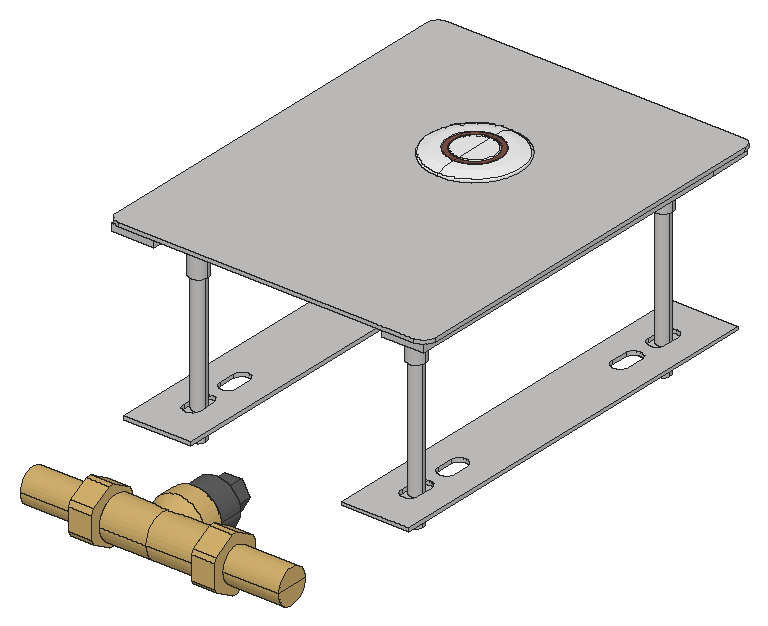
Revit family "PRD_AR_ShwrFttngsPckg_F5EElectronicShowerFitting_F5EV2006", category Plumbing Fixtures, host Face, Revit 2023
Family settings
  Host = Face
  Round Connector Dimension = Use Diameter
  Part Type = Normal
  OmniClass Number = 23.45.05.14.99
  OmniClass Title = Other Sanitary Washing Plumbing Fixtures
  Enable Cutting in Views = Yes
  Cut with Voids When Loaded = Yes
  Maintain Annotation Orientation = No
  Shared = No
  Room Calculation Point = No
Parameters (values of type "F5EV2006")
  WithTransformerPowerSupply = "No"
  WithSoapDish = "No"
  WithRosettesCoverPlate = "Yes"
  WithFilter = "Yes"
  WithBackflowPreventer = "No"
  WaterConnection = "pipe"
  Waste Connection = yes
  WarrantyStartDate [instance] = "1900-12-31T23:59:59"
  WarrantyGuarantorParts = "n/a"
  WarrantyGuarantorLabor = "n/a"
  WarrantyDurationUnit = "n/a"
  WarrantyDurationParts = "n/a"
  WarrantyDurationLabor = "n/a"
  WarrantyDescription = "n/a"
  WallThicknessControl [instance] = if(WallThickness < 50 mm, 50 mm, if(WallThickness > 500 mm, 500 mm, WallThickness))  # 100 mm
  WallThickness [instance] = 100 mm
  WFU = 0
  VolumeFlowRateBypassPWH = "n/a"
  VolumeFlowRateAt3Bar = "0.47 l/s"
  Voltage [instance] = 24 V
  Version = "1"
  Vent Connection = yes
  ValveVerticalOffset [instance] = 200 mm
  ValveTurnOn [instance] = yes
  ValveOffsetFromWall [instance] = 100 mm
  Uniclass2015Version = "Products v1.36"
  Uniclass2015Title = "Shower fittings package"
  Uniclass2015Code = "Pr_40_20_87_75"
  URL = "www.kwc-professional.com"
  TypeOfShower = "in-wall fitting"
  TypeOfSensor = "piezo-electronic sensor"
  TypeOfPowerSupply = "Transformer"
  TypeOfOperation = "sensor operation"
  TypeOfMounting = "bolt mounting"
  TypeOfMixing = "No"
  Type IFC Predefined Type = "USERDEFINED"
  ThermalDisinfection = "n/a"
  TemperatureLimit = "No"
  TagNumber [instance] = "n/a"
  SustainabilityPerformance = "n/a"
  SurfaceTreatmentFitting = "n/a"
  SurfaceFinishFitting = "n/a"
  SurfaceFinishCasing = "satin finished"
  Status = "NEW"
  SoundInsulation = "No"
  Size = "15"
  ShowerType = "Individual"
  ShowerPipeDraining = "No"
  ShowerHeadDescription = "n/a"
  ShowerHead = "without shower head"
  Shape = "n/a"
  SerialNumber [instance] = "n/a"
  Revision = "n/a"
  ReplacementCost = "n/a"
  Reference = "n/a"
  ProtectiveSystemIP = "IP59K"
  ProtectiveShutdown = "Yes"
  ProductInformation = "http://pim.kwc.com/product/2030068173/attachment/datasheet?locale=en"
  PowerSupplyConnection = "A3000 open 24 V DC"
  PowerFactor [instance] = 1
  PowerConsumption = "n/a"
  PositionOfWaterConnection = "n/a"
  PositionOfPowerConnection = "n/a"
  Poles [instance] = 1
  Parameterization = "network"
  NumberOfPoles [instance] = Poles  # 1
  NominalWidth = 190 mm
  NominalLength = 245 mm
  NominalHeight = 245 mm
  NominalDepth = 2 mm
  Name = "F5E Electronic shower fitting F5EV2006"
  NBSTypeID = "n/a"
  NBSReference = "45-35-70/330"
  NBSOfficeMasterTag = "n/a"
  NBSNote = "n/a"
  NBSDescription = "Shower fittings package"
  NBSCertification = "n/a"
  ModelReference = "F5EV2006"
  ModelNumber = "2030068173"
  Model = ModelReference  # "F5EV2006"
  MinimumFlowTime = "1 Seconds"
  MinimumFlowPressure = "1 bar"
  MaximumFlowTime = "255 Seconds"
  MaterialFitting = "n/a"
  MaterialCodeCasing = "1.4301 Chrome Nickel steel V2A"
  MaterialCasing = "stainless steel"
  Material = "stainless steel"
  ManufacturerURL = "www.kwc-professional.com"
  ManufacturerName = "KWC Group Management AG"
  Manufacturer = ManufacturerName  # "KWC Group Management AG"
  LockingMechanism = "Top section, non-ceramic"
  InstallationDate [instance] = "1900-12-31T23:59:59"
  InletSize = "G 3/4 B"
  IfcExportType = "SHOWER"
  IfcExportAs = "IfcSanitaryTerminalType"
  HygieneFlushing = "Yes"
  HasTray = "No"
  HWFU = 0
  HW Connection = yes
  Grade = "n/a"
  FunctionalPrinciple = "electronic self-closing"
  ForHandShower = "n/a"
  Finish = "Satin finished"
  Features = "Electronically controlled, for connection to pre-mixed hotwater or cold water. 190 x 245x 2 mm stainless steel cover plate for invisible mounting viathreaded rods, up to a wall thickness of 50 to 500 mm."
  Export Type to IFC As = "IfcSanitaryTerminalType"
  ExpectedLife = "n/a"
  DurationUnit = "n/a"
  DrainSize = 15 mm
  DiameterNominal = "DN 15"
  Description = "F5E - A3000 open straight-way valve DN 15 for shower facilities, for concealed mounting. Especially suitable for facilities at risk of vandalism. Electronically controlled, for connection to pre-mixed hot water or cold water. With waterproof electronic module and electric T-junction for connection to system cable, solenoid valve, 190 x 245 x 2 mm stainless steel cover plate for invisible mounting via threaded rods, up to a wall thickness of 50 to 500 mm, including piezo push-button with start/stop function and 2 m extension cable. Connection and maintenance via service room. Activated hygiene flushing 24 hours after the last activity. With facility for parameterization, cleaning deactivation and communication via ECC2 function controller, 24 V DC."
  DefaultFlowTime = "30 Seconds"
  DefaultAutomaticHygieneFlush = "24h after the last activity"
  Default Elevation = 1219.2 mm
  CreateOn = "05/2025"  # constant formula
  CoverPlateWidth = "190 mm"
  CoverPlateHeight = "245 mm"
  Constituents = "n/a"
  ConnectionWithPayWaterDispenser = "single / multiple pay water dispenser"
  CompatibleA3000Open = "Yes"
  Color = "stainless steel-look"
  CodePerformance = "n/a"
  Circulation = "No"
  Category = "Pr_40_20_87_75, Shower fittings package"
  CalculationFlowRateHotWater = "n/a"
  CalculationFlowRateColdWater = "n/a"
  CWFU = 0
  CW Connection = yes
  ButtonMaterial = PRD_AR_ChromatedBrass_HighPolished
  BuiltInFittingModel = "Built-in section"
  BodyMaterial = PRD_AR_StainlessSteel_Brushed
  BasicColour = "stainless steel-look"
  BarCode [instance] = "n/a"
  BIMObjectName = "PRD_AR_ ShowerFittingsPackage_F5EElectronicShowerFitting_F5EV2006"
  Author = "Archispace"
  AssetType = "Fixed"
  AssetIdentifier [instance] = "n/a"
  ApparentLoad [instance] = 0 VA
  AdjustableFlowTime = "Yes"
  AdditionalConnections = "No"
  AccessibilityPerformance = "n/a"
  AccentColour = "n/a"
Reference planes
  plane 1 "Center (Front/Back)": y = 0
  plane 2: z = 0
  plane 3 "Center (Left/Right)": x = 0
  plane 4: z = -100
  plane 5: y = -200
  plane 6: z = -100
  plane 7: z = -117
  plane 8: z = -83
  plane 9: y = -137
  plane 10: y = -358.5
  plane 11: x = 77
  plane 12: x = -77
  plane 13: y = -146.038
  plane 14: y = -225
Forms (mm)
  Extrusion 1, void
    sketch origin (0, 0, 0) x (1, 0, 0) y (0, 1, 0)
      loop
        circle (0, 4.921) r 11.456
    from -25 to 17.126
  Extrusion 2, void
    sketch origin (0, 0, 0) x (1, 0, 0) y (0, 1, 0)
      loop
        line (-73.04, 101.038) -> (-73.04, 0) -> (-73.04, -101.038) -> (0, -101.038) -> (73.04, -101.038) -> (73.04, 0) -> (73.04, 101.038) -> (0, 101.038) -> (-73.04, 101.038)
    from 0 to -100
  Extrusion 3, void
    sketch origin (0, 0, 0) x (1, 0, 0) y (0, 1, 0)
      loop
        line (77, -225) -> (77, -146.038) -> (-77, -146.038) -> (-77, -225) -> (77, -225)
    from -117 to -83
Dimensions and locks
  "WallThicknessControl": level to plane 4
  "ValveVerticalOffset": plane 5 to plane 1 "Center (Front/Back)"
  "ValveOffsetFromWall": level to plane 6
  plane 9 to plane 5 to plane 10 = 63 mm locked, 158.5 mm locked
  plane 13 to plane 5 to plane 14 = 53.962 mm locked, 25 mm locked
  plane 12 to plane 3 "Center (Left/Right)" to plane 11 = 77 mm locked, 77 mm locked
  plane 8 to plane 6 to plane 7 = 17 mm locked, 17 mm locked
  aligned and locked: plane 2 to host face
  aligned and locked: level to host face
  aligned and locked: Extrusion 2 to plane 4
  aligned and locked: plane 5 to nested 2
  aligned and locked: plane 14 to Extrusion 3 sketch curve
  aligned and locked: Extrusion 3 sketch curve to plane 11
  aligned and locked: Extrusion 3 sketch curve to plane 13
  aligned and locked: Extrusion 3 sketch curve to plane 12
  aligned and locked: plane 7 to Extrusion 3
  aligned and locked: plane 8 to Extrusion 3
  aligned and locked: plane 6 to nested 2
Automatic sketch dimensions
  host sketch curve to host sketch curve = 2438.4 mm  (x2)
  Extrusion 1 sketch curve to Extrusion 1 sketch curve = 0 mm  (x2)
  Extrusion 1 sketch curve to plane 3 "Center (Left/Right)" = 0 mm
  Extrusion 1 sketch curve to plane 1 "Center (Front/Back)" = 4.921 mm
  Extrusion 1 sketch curve to Extrusion 1 sketch curve = 11.456 mm
  plane 1 "Center (Front/Back)" to Extrusion 2 sketch curve = 0 mm  (x2)
  Extrusion 2 sketch curve to plane 3 "Center (Left/Right)" = 0 mm  (x2)
  Extrusion 2 sketch curve to Extrusion 2 sketch curve = 73.04 mm
  plane 3 "Center (Left/Right)" to Extrusion 2 sketch curve = 73.04 mm
  plane 1 "Center (Front/Back)" to Extrusion 2 sketch curve = 101.038 mm
  Extrusion 2 sketch curve to plane 1 "Center (Front/Back)" = 101.038 mm
Nested families
  nested 1: "ShowerFitting" at (0, 0, 0) x (-1, 0, 0) z (0, 0, 1), Wall Thickness <- "WallThickness", type "ShowerFitting"
    with Wall Thickness_Control 100 mm, Wall Thickness 100 mm
  nested 2: "Valve" at (0, -200, -100) x (1, 0, 0) z (0, 1, 0), visible <- "ValveTurnOn", type "Valve"
Connectors
  electrical at (0, 32.5, -15.835), driven by "Voltage", driven by "ApparentLoad", driven by "PowerFactor", driven by "Poles"
    settings: on nested 1, index 1, voltage 24 V, apparent load 0 VA, apparent load phase1 0 VA, apparent load phase2 0 VA, apparent load phase3 0 VA, power factor 1, load classification "Power", number of poles 1, system type 30, power factor state 1, is connector primary yes, connector utility no, sub classification motor no, connector description "Power"
  piping at (-77, -200, -100), diameter 15
    settings: on nested 2, index 2, connector inside diameter 609.6 mm, connector length 0 mm, flow factor 0, pipe flow 0.0 L/s, pressure drop 0.0 Pa, fitting loss kfactor 0, connector angle 0.00°, fixture units 0, engagement length 0 mm, angle of deflection 0.00°, flow configuration 0, flow direction 1, fitting loss method 0, system type 8, joint type 0, gender type 0, connector reference index -1, connector utility 0, adjustable connector no, is connector primary yes, connector description "G3/4B"
  piping at (77, -200, -100), diameter 15
    settings: on nested 2, index 3, connector inside diameter 609.6 mm, connector length 0 mm, flow factor 0, pipe flow 0.0 L/s, pressure drop 0.0 Pa, fitting loss kfactor 0, connector angle 0.00°, fixture units 0, engagement length 0 mm, angle of deflection 0.00°, flow configuration 0, flow direction 0, fitting loss method 0, system type 28, joint type 0, gender type 0, connector reference index -1, connector utility 0, adjustable connector no, is connector primary no, connector description ""
Definition of nested family "ShowerFitting"
  Parameters (values of type "ShowerFitting")
    Wall Thickness_Control [instance] = if(Wall Thickness < 50 mm, 50 mm, if(Wall Thickness > 500 mm, 500 mm, Wall Thickness))  # 130 mm
    Wall Thickness [instance] = 130 mm
    Material Button = none
    Material = none
    Default Elevation = 0 mm
  Reference planes
    plane 1 "Center (Front/Back)": y = 0
    plane 2: z = 0
    plane 3 "Center (Left/Right)": x = 0
    plane 4: z = -148.736
    plane 5: z = -132
    plane 6: z = -130
    plane 7: z = 2
    plane 8: z = -4.4
    plane 9: z = 26
    plane 10: z = -18
    plane 11: z = -15.91
  Forms (mm)
    Extrusion 1, solid, material <- "Material", detail levels fine
      sketch origin (0, 0, 0) x (1, 0, 0) y (0, 1, 0)
        loop
          line (-95, 115.5) -> (-95, -115.5)
          arc (-95, -115.5) -> (-92.95, -120.45) -> (-88, -122.5) r 7
          line (-88, -122.5) -> (88, -122.5)
          arc (88, -122.5) -> (92.95, -120.45) -> (95, -115.5) r 7
          line (95, -115.5) -> (95, 115.5)
          arc (95, 115.5) -> (92.95, 120.45) -> (88, 122.5) r 7
          line (88, 122.5) -> (-88, 122.5)
          arc (-88, 122.5) -> (-92.95, 120.45) -> (-95, 115.5) r 7
      from 0 to 2
    Extrusion 2, solid, material <- "Material", detail levels fine
      sketch origin (0, 0, 0) x (1, 0, 0) y (0, 1, 0)
        loop
          line (-93, 121.5) -> (-93, -94.5) -> (-68, -94.5) -> (-68, 121.5) -> (-93, 121.5)
        loop
          line (93, 121.5) -> (68, 121.5) -> (68, -94.5) -> (93, -94.5) -> (93, 121.5)
      from -4.4 to 0
    Extrusion 3, solid, material <- "Material", detail levels fine
      sketch origin (0, 0, 0) x (1, 0, 0) y (0, 1, 0)
        loop
          line (-93, -94.5) -> (-93, -119.5) -> (93, -119.5) -> (93, -94.5) -> (-93, -94.5)
      from -4.4 to 0
    Extrusion 4, solid, material <- "Material", detail levels medium+fine
      sketch origin (0, 0, 0) x (1, 0, 0) y (0, 1, 0)
        loop
          circle (-64.946, 92.047) r 5.42
      from -30.436 to 0
    Extrusion 5, solid, material <- "Material", detail levels medium+fine
      sketch origin (0, 0, 0) x (-1, 0, 0) y (0, -1, 0)
        loop
          circle (-64.946, -92.047) r 5.42
      from -30.436 to 0
    Extrusion 6, solid, material <- "Material", detail levels medium+fine
      sketch origin (0, 0, 0) x (-1, 0, 0) y (0, -1, 0)
        loop
          circle (-64.946, 92.047) r 5.42
      from -30.436 to 0
    Extrusion 7, solid, material <- "Material", detail levels medium+fine
      sketch origin (0, 0, 0) x (1, 0, 0) y (0, 1, 0)
        loop
          circle (-64.946, -92.047) r 5.42
      from -30.436 to 0
    Extrusion 8, solid, material <- "Material", detail levels medium+fine
      sketch origin (0, 0, 0) x (1, 0, 0) y (0, 1, 0)
        loop
          circle (-64.946, 92.047) r 4.038
        loop
          circle (64.946, 92.047) r 4.038
        loop
          circle (64.946, -92.047) r 4.038
        loop
          circle (-64.946, -92.047) r 4.038
      from -148.736 to -30.436
    Sweep 9, solid, material <- "Material", detail levels fine
      path origin (0, 0, 0) x (0, 1, 0) y (0, 0, 1)
        loop
          line (122.5, -132) -> (122.5, -130)
      profile origin (0, 122.5, -131) x (0, -1, 0) y (1, 0, 0)
        loop
          line (0, -85) -> (245, -85) -> (245, -45) -> (0, -45) -> (0, -85)
        loop
          line (192.5, -60) -> (182.5, -60)
          arc (182.5, -60) -> (177.5, -65) -> (182.5, -70) r 5
          line (182.5, -70) -> (192.5, -70)
          arc (192.5, -70) -> (197.5, -65) -> (192.5, -60) r 5
        loop
          line (219.5, -60) -> (209.5, -60)
          arc (209.5, -60) -> (204.5, -65) -> (209.5, -70) r 5
          line (209.5, -70) -> (219.5, -70)
          arc (219.5, -70) -> (224.5, -65) -> (219.5, -60) r 5
        loop
          arc (52.5, -60) -> (47.5, -65) -> (52.5, -70) r 5
          line (52.5, -70) -> (62.5, -70)
          arc (62.5, -70) -> (67.5, -65) -> (62.5, -60) r 5
          line (62.5, -60) -> (52.5, -60)
        loop
          arc (25.5, -60) -> (20.5, -65) -> (25.5, -70) r 5
          line (25.5, -70) -> (35.5, -70)
          arc (35.5, -70) -> (40.5, -65) -> (35.5, -60) r 5
          line (35.5, -60) -> (25.5, -60)
        loop
          line (0, 85) -> (0, 45) -> (245, 45) -> (245, 85) -> (0, 85)
        loop
          arc (192.5, 60) -> (197.5, 65) -> (192.5, 70) r 5
          line (192.5, 70) -> (182.5, 70)
          arc (182.5, 70) -> (177.5, 65) -> (182.5, 60) r 5
          line (182.5, 60) -> (192.5, 60)
        loop
          arc (219.5, 60) -> (224.5, 65) -> (219.5, 70) r 5
          line (219.5, 70) -> (209.5, 70)
          arc (209.5, 70) -> (204.5, 65) -> (209.5, 60) r 5
          line (209.5, 60) -> (219.5, 60)
        loop
          line (52.5, 60) -> (62.5, 60)
          arc (62.5, 60) -> (67.5, 65) -> (62.5, 70) r 5
          line (62.5, 70) -> (52.5, 70)
          arc (52.5, 70) -> (47.5, 65) -> (52.5, 60) r 5
        loop
          line (25.5, 60) -> (35.5, 60)
          arc (35.5, 60) -> (40.5, 65) -> (35.5, 70) r 5
          line (35.5, 70) -> (25.5, 70)
          arc (25.5, 70) -> (20.5, 65) -> (25.5, 60) r 5
    Sweep 10, solid, material <- "Material", detail levels fine
      path origin (0, 0, 0) x (0, 1, 0) y (0, 0, 1)
        loop
          line (106, -135) -> (106, -132)
      profile origin (0, 106, -133.5) x (0, -1, 0) y (1, 0, 0)
        loop
          circle (13.984, -64.949) r 13.871
        loop
          circle (13.984, 64.949) r 13.871
        loop
          circle (198.016, -64.949) r 13.871
        loop
          circle (198.016, 64.949) r 13.871
    Sweep 11, solid, material <- "Material", detail levels fine
      path origin (0, 0, 0) x (0, 1, 0) y (0, 0, 1)
        loop
          line (93.672, -141.8) -> (93.672, -135)
      profile origin (0, 93.672, -138.4) x (0, -1, 0) y (1, 0, 0)
        loop
          line (-5.834, -65) -> (-2.081, -71.5) -> (5.425, -71.5) -> (9.177, -65) -> (5.425, -58.5) -> (-2.081, -58.5) -> (-5.834, -65)
        loop
          line (-5.834, 65) -> (-2.081, 58.5) -> (5.425, 58.5) -> (9.177, 65) -> (5.425, 71.5) -> (-2.081, 71.5) -> (-5.834, 65)
        loop
          line (193.177, -65) -> (189.425, -58.5) -> (181.919, -58.5) -> (178.166, -65) -> (181.919, -71.5) -> (189.425, -71.5) -> (193.177, -65)
        loop
          line (193.177, 65) -> (189.425, 71.5) -> (181.919, 71.5) -> (178.166, 65) -> (181.919, 58.5) -> (189.425, 58.5) -> (193.177, 65)
    Extrusion 12, solid, material <- "Material", detail levels coarse
      sketch origin (0, 122.5, -132) x (0, 1, 0) y (-1, 0, 0)
        loop
          line (0, 95) -> (-245, 95) -> (-245, -95) -> (0, -95) -> (0, 95)
      from -16.736 to 134
    Extrusion 13, solid, material <- "Material", detail levels medium
      sketch origin (0, 122.5, -132) x (0, 1, 0) y (-1, 0, 0)
        loop
          line (-245, 95) -> (-245, -95) -> (0, -95) -> (0, 95) -> (-245, 95)
      from 127.6 to 134
    Sweep 14, solid, material <- "Material", detail levels medium
      path origin (0, 0, 0) x (0, 1, 0) y (0, 0, 1)
        loop
          line (122.5, -132) -> (122.5, -130)
      profile origin (0, 122.5, -131) x (0, -1, 0) y (1, 0, 0)
        loop
          line (0, -85) -> (245, -85) -> (245, -45) -> (0, -45) -> (0, -85)
        loop
          line (0, 85) -> (0, 45) -> (245, 45) -> (245, 85) -> (0, 85)
    Revolve 15, solid, material <- "Material Button", detail levels fine
      sketch origin (0, 0, 0) x (0, 1, 0) y (0, 0, 1)
        loop
          line (-32.5, 2) -> (-4.961, 2)
          arc (-4.961, 2) -> (-5.113, 2.697) -> (-5.668, 3.145) r 1.075
          arc (-5.668, 3.145) -> (-11.207, 4.703) -> (-16.94, 5.195) r 30.555
          line (-16.94, 5.195) -> (-16.94, 3.123) -> (-32.5, 3.123) -> (-32.5, 2)
        axis (-32.5, 5.195) -> (-32.5, 2)
      angle from 0 to 360
    Revolve 16, solid, detail levels fine
      sketch origin (0, 0, 0) x (0, 1, 0) y (0, 0, 1)
        loop
          line (-17.049, 5.195) -> (-19.966, 5.195) -> (-19.966, 3.911) -> (-21.528, 3.911) -> (-21.528, 2.7) -> (-17.049, 2.7) -> (-17.049, 5.195)
        axis (-32.5, 2.7) -> (-32.5, 5.195)
      angle from 0 to 360
    Revolve 17, solid, material <- "Material Button", detail levels fine
      sketch origin (0, 0, 0) x (0, 1, 0) y (0, 0, 1)
        loop
          arc (-20.005, 4.697) -> (-20.15, 5.049) -> (-20.502, 5.195) r 0.498
          line (-20.502, 5.195) -> (-32.5, 5.195) -> (-32.5, 3.911) -> (-20.005, 3.911) -> (-20.005, 4.697)
        axis (-32.5, 5.195) -> (-32.5, 3.911)
      angle from 0 to 360
    Revolve 18, solid, detail levels fine
      sketch origin (0, 0, 0) x (0, 1, 0) y (0, 0, 1)
        loop
          line (-32.5, 0) -> (-32.5, -15.835) -> (-22.325, -15.835) -> (-22.325, -14.272) -> (-21.52, -13.467) -> (-21.52, -11.75) -> (-20.333, -11.75) -> (-19.601, -10.25) -> (-18.756, -10.25) -> (-18.756, -3.05) -> (-22.325, -3.05) -> (-22.325, 0) -> (-32.5, 0)
        axis (-32.5, 0) -> (-32.5, -15.835)
      angle from 0 to 360
    Revolve 19, solid, material <- "Material Button", detail levels coarse+medium
      sketch origin (0, 0, 0) x (0, 1, 0) y (0, 0, 1)
        loop
          line (-32.5, 2) -> (-4.961, 2) -> (-4.961, 5.195) -> (-32.5, 5.195) -> (-32.5, 2)
        axis (-32.5, 5.195) -> (-32.5, 2)
      angle from 0 to 360
    Revolve 20, solid, detail levels medium
      sketch origin (0, 0, 0) x (0, 1, 0) y (0, 0, 1)
        loop
          line (-32.5, -3.05) -> (-32.5, -15.835) -> (-18.756, -15.835) -> (-18.756, -3.05) -> (-22.325, -3.05) -> (-22.325, 0) -> (-32.5, 0) -> (-32.5, -3.05)
        axis (-32.5, 0) -> (-32.5, -15.835)
      angle from 0 to 360
    Revolve 21, solid, detail levels coarse
      sketch origin (0, 0, 0) x (0, 1, 0) y (0, 0, 1)
        loop
          line (-32.5, -3.05) -> (-32.5, -15.91) -> (-18.756, -15.91) -> (-18.756, 0) -> (-32.5, 0) -> (-32.5, -3.05)
        axis (-32.5, 0) -> (-32.5, -15.91)
      angle from 0 to 360
  Dimensions and locks
    locked: plane 5 to plane 4 at 16.736
    locked: Sweep 9 sketch curve to plane 5 at 2
    locked: Sweep 10 sketch curve to Sweep 10 sketch curve at 3
    locked: plane 5 to Sweep 11 sketch curve at 3
    locked: Sweep 11 sketch curve to Sweep 11 sketch curve at 6.8
    locked: plane 6 to plane 5 at 2
    "Wall Thickness_Control": level to plane 6
    locked: plane 7 to plane 11 at 17.91
    aligned and locked: level to plane 2
    aligned and locked: Extrusion 8 to plane 4
    aligned and locked: plane 5 to Sweep 9 sketch curve
    aligned and locked: plane 5 to Sweep 10 sketch curve
    aligned and locked: Extrusion 12 to plane 4
    aligned and locked: Extrusion 13 to Extrusion 1
    aligned and locked: Extrusion 12 to Extrusion 1
    aligned and locked: plane 11 to Revolve 21
    aligned and locked: Extrusion 13 to plane 8
  Automatic sketch dimensions
    Extrusion 2 sketch curve to plane 3 "Center (Left/Right)" = 93 mm
    Extrusion 2 sketch curve to Extrusion 2 sketch curve = 25 mm  (x2)
    plane 3 "Center (Left/Right)" to Extrusion 2 sketch curve = 68 mm
    plane 1 "Center (Front/Back)" to Extrusion 2 sketch curve = 94.5 mm  (x2)
    Extrusion 2 sketch curve to plane 1 "Center (Front/Back)" = 121.5 mm  (x2)
    Extrusion 3 sketch curve to plane 3 "Center (Left/Right)" = 93 mm
    plane 3 "Center (Left/Right)" to Extrusion 3 sketch curve = 93 mm
    plane 1 "Center (Front/Back)" to Extrusion 3 sketch curve = 119.5 mm
    Extrusion 3 sketch curve to Extrusion 3 sketch curve = 25 mm
    Extrusion 4 sketch curve to plane 3 "Center (Left/Right)" = 64.946 mm
    Extrusion 4 sketch curve to plane 1 "Center (Front/Back)" = 92.047 mm
    plane 3 "Center (Left/Right)" to Extrusion 5 sketch curve = 64.946 mm
    Extrusion 5 sketch curve to plane 1 "Center (Front/Back)" = 92.047 mm
    plane 3 "Center (Left/Right)" to Extrusion 6 sketch curve = 64.946 mm
    plane 1 "Center (Front/Back)" to Extrusion 6 sketch curve = 92.047 mm
    Extrusion 7 sketch curve to plane 3 "Center (Left/Right)" = 64.946 mm
    plane 1 "Center (Front/Back)" to Extrusion 7 sketch curve = 92.047 mm
    Extrusion 8 sketch curve to plane 3 "Center (Left/Right)" = 64.946 mm  (x2)
    plane 3 "Center (Left/Right)" to Extrusion 8 sketch curve = 64.946 mm  (x2)
    plane 1 "Center (Front/Back)" to Extrusion 8 sketch curve = 92.047 mm  (x2)
    Extrusion 8 sketch curve to plane 1 "Center (Front/Back)" = 92.047 mm  (x2)
    Sweep 9 sketch curve to plane 1 "Center (Front/Back)" = 122.5 mm
    Sweep 9 sketch curve to profile plane = 0 mm  (x2)
    Sweep 9 sketch curve to profile plane = 25.5 mm  (x2)
    Sweep 9 sketch curve to Sweep 9 sketch curve = 10 mm  (x8)
    Sweep 9 sketch curve to Sweep 9 sketch curve = 17 mm  (x4)
    Sweep 9 sketch curve to plane 3 "Center (Left/Right)" = 70 mm  (x2)
    Sweep 9 sketch curve to Sweep 9 sketch curve = 120 mm  (x2)
    Sweep 9 sketch curve to Sweep 9 sketch curve = 25.5 mm  (x2)
    Sweep 9 sketch curve to Sweep 9 sketch curve = 15 mm  (x5)
    Sweep 9 sketch curve to Sweep 9 sketch curve = 0 mm  (x4)
    Sweep 9 sketch curve to Sweep 9 sketch curve = 5 mm  (x8)
    plane 3 "Center (Left/Right)" to Sweep 9 sketch curve = 45 mm
    Sweep 10 sketch curve to plane 1 "Center (Front/Back)" = 106 mm
    Sweep 10 sketch curve to profile plane = 13.984 mm  (x2)
    plane 3 "Center (Left/Right)" to Sweep 10 sketch curve = 64.949 mm  (x2)
    Sweep 10 sketch curve to Sweep 10 sketch curve = 184.032 mm
    Sweep 10 sketch curve to plane 3 "Center (Left/Right)" = 64.949 mm  (x2)
    Sweep 10 sketch curve to Sweep 10 sketch curve = 0 mm
    Sweep 11 sketch curve to plane 1 "Center (Front/Back)" = 93.672 mm
    profile plane to Sweep 11 sketch curve = 5.834 mm  (x2)
    profile plane to Sweep 11 sketch curve = 2.081 mm  (x4)
    Sweep 11 sketch curve to profile plane = 5.425 mm  (x4)
    Sweep 11 sketch curve to Sweep 11 sketch curve = 3.753 mm  (x8)
    plane 3 "Center (Left/Right)" to Sweep 11 sketch curve = 65 mm  (x2)
    Sweep 11 sketch curve to Sweep 11 sketch curve = 168.989 mm
    Sweep 11 sketch curve to plane 3 "Center (Left/Right)" = 65 mm  (x2)
    Sweep 11 sketch curve to Sweep 11 sketch curve = 0 mm
    Sweep 11 sketch curve to plane 3 "Center (Left/Right)" = 71.5 mm  (x2)
    plane 3 "Center (Left/Right)" to Sweep 11 sketch curve = 71.5 mm
    plane 3 "Center (Left/Right)" to Sweep 11 sketch curve = 58.5 mm  (x2)
    Sweep 11 sketch curve to Sweep 11 sketch curve = 7.506 mm  (x4)
    Sweep 11 sketch curve to Sweep 11 sketch curve = 6.5 mm  (x7)
    plane 1 "Center (Front/Back)" to Extrusion 12 sketch curve = 122.5 mm
    plane 3 "Center (Left/Right)" to Extrusion 12 sketch curve = 95 mm
    Extrusion 12 sketch curve to plane 1 "Center (Front/Back)" = 122.5 mm
    Extrusion 12 sketch curve to plane 3 "Center (Left/Right)" = 95 mm
    plane 1 "Center (Front/Back)" to Extrusion 13 sketch curve = 122.5 mm
    Extrusion 13 sketch curve to plane 3 "Center (Left/Right)" = 95 mm
    plane 3 "Center (Left/Right)" to Extrusion 13 sketch curve = 95 mm
    Extrusion 13 sketch curve to plane 1 "Center (Front/Back)" = 122.5 mm
    Sweep 14 sketch curve to plane 6 = 0 mm
    Sweep 14 sketch curve to plane 5 = 0 mm
    Sweep 14 sketch curve to plane 1 "Center (Front/Back)" = 122.5 mm
    Sweep 14 sketch curve to profile plane = 0 mm  (x2)
    plane 3 "Center (Left/Right)" to Sweep 14 sketch curve = 45 mm
    Sweep 14 sketch curve to plane 3 "Center (Left/Right)" = 85 mm
    Sweep 14 sketch curve to Sweep 14 sketch curve = 40 mm  (x2)
    Sweep 14 sketch curve to Sweep 14 sketch curve = 0 mm
    Sweep 14 sketch curve to profile plane = 245 mm
    Revolve 15 sketch curve to plane 7 = 0 mm
    plane 1 "Center (Front/Back)" to Revolve 15 sketch curve = 32.5 mm
    plane 7 to Revolve 15 sketch curve = 1.123 mm
    Revolve 15 sketch curve to Revolve 15 sketch curve = 15.56 mm
    Revolve 15 sketch curve to plane 10 = 7.36 mm
    plane 1 "Center (Front/Back)" to Revolve 15 sketch curve = 16.672 mm
    plane 7 to Revolve 15 sketch curve = 0.133 mm
    plane 1 "Center (Front/Back)" to Revolve 15 sketch curve = 6.028 mm
    Revolve 15 sketch curve to Revolve 15 sketch curve = 1.066 mm
    Revolve 15 sketch curve to Revolve 15 sketch curve = 2.072 mm
    Revolve 15 sketch curve to Revolve 15 sketch curve = 0 mm
    Revolve 15 sketch curve to level = 1.544 mm
    Revolve 15 sketch curve to Revolve 15 sketch curve = 0.561 mm
    plane 7 to Revolve 17 sketch curve = 1.911 mm
    plane 1 "Center (Front/Back)" to Revolve 17 sketch curve = 32.5 mm
    plane 7 to Revolve 17 sketch curve = 3.195 mm
    Revolve 17 sketch curve to Revolve 17 sketch curve = 11.998 mm
    Revolve 17 sketch curve to Revolve 17 sketch curve = 0.498 mm
    Revolve 17 sketch curve to Revolve 17 sketch curve = 0 mm  (x2)
    plane 7 to Revolve 17 sketch curve = 0.43 mm
    plane 7 to Revolve 16 sketch curve = 0.7 mm
    plane 1 "Center (Front/Back)" to Revolve 16 sketch curve = 21.528 mm
    Revolve 16 sketch curve to Revolve 16 sketch curve = 1.561 mm
    Revolve 16 sketch curve to Revolve 16 sketch curve = 2.917 mm
    plane 7 to Revolve 16 sketch curve = 1.911 mm
    Revolve 16 sketch curve to Revolve 16 sketch curve = 1.284 mm
    Revolve 16 sketch curve to Revolve 16 sketch curve = 10.972 mm
    plane 10 to Revolve 16 sketch curve = 2.2 mm
    plane 7 to Revolve 16 sketch curve = 7.85 mm
    Revolve 19 sketch curve to plane 7 = 0 mm
    plane 1 "Center (Front/Back)" to Revolve 19 sketch curve = 32.5 mm
    plane 1 "Center (Front/Back)" to Revolve 19 sketch curve = 4.961 mm
    plane 7 to Revolve 19 sketch curve = 3.195 mm
    Revolve 19 sketch curve to Revolve 19 sketch curve = 0 mm  (x2)
    Revolve 19 sketch curve to level = 1.544 mm
    Revolve 20 sketch curve to level = 0 mm
    plane 8 to Revolve 20 sketch curve = 1.35 mm  (x2)
    plane 1 "Center (Front/Back)" to Revolve 20 sketch curve = 32.5 mm
    Revolve 20 sketch curve to Revolve 20 sketch curve = 10.175 mm
    Revolve 20 sketch curve to Revolve 20 sketch curve = 13.744 mm
    Revolve 20 sketch curve to Revolve 20 sketch curve = 0 mm  (x3)
    plane 10 to Revolve 20 sketch curve = 2.165 mm
    Revolve 21 sketch curve to level = 0 mm
    plane 8 to Revolve 21 sketch curve = 1.35 mm
    plane 1 "Center (Front/Back)" to Revolve 21 sketch curve = 32.5 mm
    Revolve 21 sketch curve to Revolve 21 sketch curve = 13.744 mm
    plane 10 to Revolve 21 sketch curve = 1.656 mm
    Revolve 21 sketch curve to Revolve 21 sketch curve = 0 mm  (x2)
    plane 6 to Revolve 21 sketch curve = 114.09 mm
    Revolve 18 sketch curve to level = 0 mm
    plane 1 "Center (Front/Back)" to Revolve 18 sketch curve = 32.5 mm
    plane 10 to Revolve 18 sketch curve = 3.728 mm
    Revolve 18 sketch curve to Revolve 18 sketch curve = 10.175 mm  (x2)
    plane 8 to Revolve 18 sketch curve = 1.35 mm
    Revolve 18 sketch curve to Revolve 18 sketch curve = 0.805 mm  (x2)
    Revolve 18 sketch curve to Revolve 18 sketch curve = 1.187 mm
    Revolve 18 sketch curve to plane 8 = 5.85 mm
    Revolve 18 sketch curve to Revolve 18 sketch curve = 0.732 mm
    Revolve 18 sketch curve to Revolve 18 sketch curve = 3.57 mm
    plane 10 to Revolve 18 sketch curve = 2.165 mm
    Revolve 18 sketch curve to Revolve 18 sketch curve = 1.5 mm
    Revolve 18 sketch curve to plane 8 = 2.259 mm
    Revolve 18 sketch curve to Revolve 18 sketch curve = 0 mm
    Revolve 18 sketch curve to plane 10 = 2.551 mm
    Extrusion 1 sketch curve to plane 3 "Center (Left/Right)" = 88 mm
    Extrusion 1 sketch curve to Extrusion 1 sketch curve = 7 mm  (x4)
    plane 3 "Center (Left/Right)" to Extrusion 1 sketch curve = 88 mm
    plane 1 "Center (Front/Back)" to Extrusion 1 sketch curve = 122.5 mm
    Extrusion 1 sketch curve to plane 1 "Center (Front/Back)" = 115.5 mm
    radius of Extrusion 4 sketch curve = 5.42 mm
    radius of Extrusion 5 sketch curve = 5.42 mm
    radius of Extrusion 6 sketch curve = 5.42 mm
    radius of Extrusion 7 sketch curve = 5.42 mm
    radius of Extrusion 8 sketch curve = 4.038 mm  (x4)
    radius of Sweep 10 sketch curve = 13.871 mm  (x4)
Definition of nested family "Valve"
  Parameters (values of type "Valve")
    Default Elevation = 1219.2 mm
    Brass Material = none
  Reference planes
    plane 1 "Center (Front/Back)": y = 0
    plane 2: z = 0
    plane 3 "Center (Left/Right)": x = 0
    plane 4: z = 0
    plane 5: x = -77
    plane 6: x = 77
  Forms (mm)
    Revolve 1, solid, material <- "Brass Material", detail levels fine
      sketch origin (0, 0, 0) x (1, 0, 0) y (0, 0, 1)
        loop
          line (0, 0) -> (77, 0) -> (77, 10) -> (27.597, 10) -> (27.597, 12.452) -> (0, 12.452) -> (-27.597, 12.452) -> (-27.597, 10) -> (-77, 10) -> (-77, 0) -> (0, 0)
        axis (-77, 0) -> (77, 0)
      angle from 0 to 360
    Revolve 2, solid, material <- "Brass Material", detail levels fine
      sketch origin (0, 0, 0) x (1, 0, 0) y (0, 0, 1)
        loop
          line (0, 0) -> (0, 40) -> (-14.195, 40) -> (-14.195, 23.932) -> (-15.828, 23.932) -> (-16.567, 23.193) -> (-16.567, 11.596) -> (-10, 0) -> (0, 0)
        axis (0, 40) -> (0, 0)
      angle from 0 to 360
    Extrusion 3, solid, detail levels fine
      sketch origin (0, 122.5, -132) x (0, 1, 0) y (-1, 0, 0)
        loop
          line (-114.133, -4.835) -> (-114.133, 4.98) -> (-122.719, 9.937) -> (-131.219, 5.03) -> (-131.219, -4.785) -> (-122.633, -9.743) -> (-114.133, -4.835)
      from 172.232 to 184.732
    Extrusion 4, solid, material <- "Brass Material", detail levels fine
      sketch origin (-11.067, 0, 0) x (0, 1, 0) y (0, 0, 1)
        loop
          line (9.378, 12.885) -> (6.698, 14.432) -> (-7.05, 14.432) -> (-9.729, 12.885) -> (-16.603, 0.979) -> (-16.603, -2.115) -> (-9.729, -14.021) -> (-7.05, -15.568) -> (6.698, -15.568) -> (9.378, -14.021) -> (16.252, -2.115) -> (16.252, 0.979) -> (9.378, 12.885)
      from 40.97 to 54.544
    Extrusion 5, solid, material <- "Brass Material", detail levels fine
      sketch origin (11.067, 0, 0) x (0, 1, 0) y (0, 0, -1)
        loop
          line (9.378, -12.885) -> (16.252, -0.979) -> (16.252, 2.115) -> (9.378, 14.021) -> (6.698, 15.568) -> (-7.05, 15.568) -> (-9.729, 14.021) -> (-16.603, 2.115) -> (-16.603, -0.979) -> (-9.729, -12.885) -> (-7.05, -14.432) -> (6.698, -14.432) -> (9.378, -12.885)
      from 40.97 to 54.544
    Revolve 6, solid, material <- "Brass Material", detail levels medium
      sketch origin (0, 0, 0) x (1, 0, 0) y (0, 0, 1)
        loop
          line (0, 0) -> (77, 0) -> (77, 12.452) -> (0, 12.452) -> (-77, 12.452) -> (-77, 0) -> (0, 0)
        axis (-77, 0) -> (77, 0)
      angle from 0 to 360
    Revolve 7, solid, material <- "Brass Material", detail levels medium
      sketch origin (0, 0, 0) x (1, 0, 0) y (0, 0, 1)
        loop
          line (0, 0) -> (0, 40) -> (-16.567, 40) -> (-16.567, 0) -> (0, 0)
        axis (0, 40) -> (0, 0)
      angle from 0 to 360
    Extrusion 8, solid, detail levels medium
      sketch origin (0, 122.5, -132) x (0, 1, 0) y (-1, 0, 0)
        loop
          circle (-122.5, 0) r 10
      from 172.232 to 184.732
    Extrusion 9, solid, material <- "Brass Material", detail levels medium
      sketch origin (-11.067, 0, 0) x (0, 1, 0) y (0, 0, 1)
        loop
          circle (0, 0) r 15.869
      from 40.97 to 54.544
    Extrusion 10, solid, material <- "Brass Material", detail levels medium
      sketch origin (11.067, 0, 0) x (0, 1, 0) y (0, 0, -1)
        loop
          circle (0, 0) r 15.869
      from 40.97 to 54.544
    Extrusion 11, solid, material <- "Brass Material", detail levels coarse
      sketch origin (0, 122.5, -132) x (0, 1, 0) y (-1, 0, 0)
        loop
          line (-106.248, 77) -> (-139.103, 77) -> (-139.103, -77) -> (-106.248, -77) -> (-106.248, 77)
      from 116.432 to 184.732
  Cuts and joins
    joined: Revolve 1, Revolve 2, Extrusion 4, Extrusion 5
    joined: Revolve 6, Revolve 7
  Dimensions and locks
    aligned and locked: level to plane 2
    aligned and locked: level to plane 4
